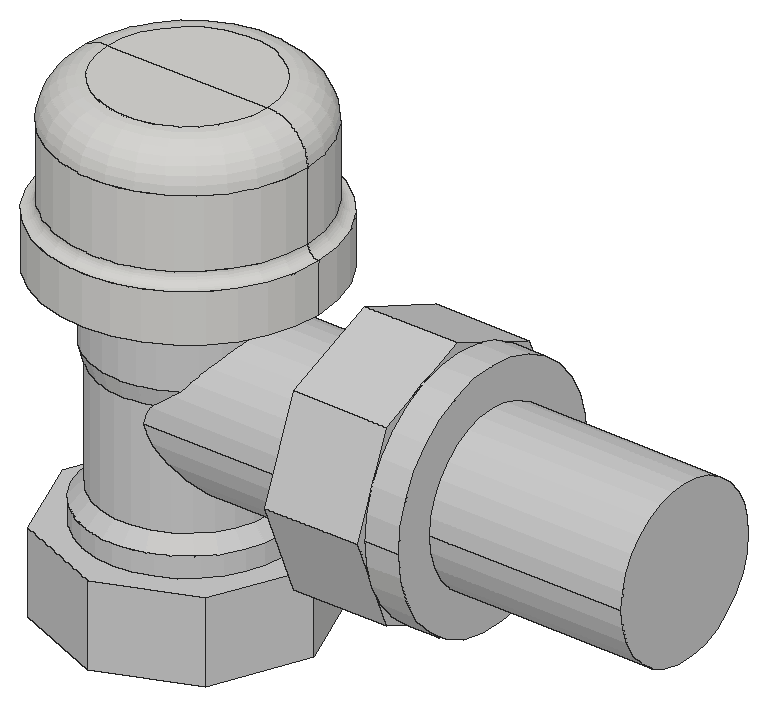
Revit family "PA_Арматура трубопроводов [клапан термостатический угловой, VT.031.N]12 - VALTEC", category Арматура трубопроводов, Revit 2018
Family settings
  Размер круглого соединителя = Использовать диаметр
  Тип детали = Вставляется
  На основе рабочей плоскости = Нет
  Всегда вертикально = Да
  При загрузке вырезать с полостями = Нет
  Общий = Нет
Parameters (values of type "VT.031.N")
  Таблица 2 = "PA_Арматура трубопроводов [клапан термостатический угловой, VT.031.N] - VALTEC - Таблица 2"  # constant formula
  Таблица 1 = "PA_Арматура трубопроводов [клапан термостатический угловой, VT.031.N] - VALTEC - Таблица 1"  # constant formula
  Изготовитель = "VALTEC"  # constant formula
  Головка термостатическая [instance] = Колпачок : Колпачок
  a5 [instance] = size_lookup(Таблица 1, "a5", 0 mm, d)  # 8 mm
  MM_Геометрия [instance] = if(Головка термостатическая = [1!!!НЕ ИЗМЕНЯТЬ!!!], MM_1!!!НЕ ИЗМЕНЯТЬ!!!, if(Головка термостатическая = [2!!!НЕ ИЗМЕНЯТЬ!!!], MM_2!!!НЕ ИЗМЕНЯТЬ!!!, if(Головка термостатическая = [3!!!НЕ ИЗМЕНЯТЬ!!!], MM_3!!!НЕ ИЗМЕНЯТЬ!!!, if(Головка термостатическая = [4!!!НЕ ИЗМЕНЯТЬ!!!], MM_4!!!НЕ ИЗМЕНЯТЬ!!!, if(Головка термостатическая = [5!!!НЕ ИЗМЕНЯТЬ!!!], MM_4!!!НЕ ИЗМЕНЯТЬ!!!, if(Головка термостатическая = [6!!!НЕ ИЗМЕНЯТЬ!!!], MM_5!!!НЕ ИЗМЕНЯТЬ!!!, if(Головка термостатическая = [7!!!НЕ ИЗМЕНЯТЬ!!!], MM_6!!!НЕ ИЗМЕНЯТЬ!!!, if(Головка термостатическая = [8!!!НЕ ИЗМЕНЯТЬ!!!], MM_6!!!НЕ ИЗМЕНЯТЬ!!!, if(Головка термостатическая = [9!!!НЕ ИЗМЕНЯТЬ!!!], MM_6!!!НЕ ИЗМЕНЯТЬ!!!, if(Головка термостатическая = [10!!!НЕ ИЗМЕНЯТЬ!!!], MM_6!!!НЕ ИЗМЕНЯТЬ!!!, if(Головка термостатическая = [11!!!НЕ ИЗМЕНЯТЬ!!!], MM_7!!!НЕ ИЗМЕНЯТЬ!!!, if(Головка термостатическая = [12!!!НЕ ИЗМЕНЯТЬ!!!], MM_7!!!НЕ ИЗМЕНЯТЬ!!!, if(Головка термостатическая = [13!!!НЕ ИЗМЕНЯТЬ!!!], MM_7!!!НЕ ИЗМЕНЯТЬ!!!, MM_8!!!НЕ ИЗМЕНЯТЬ!!!)))))))))))))  # MM_Обобщенные модели [колпачок, VT.031.N] - VALTEC : VT.TE3042.0
  MM_8!!!НЕ ИЗМЕНЯТЬ!!! = MM_Обобщенные модели [колпачок, VT.031.N] - VALTEC : VT.TE3042.0
  MM_7!!!НЕ ИЗМЕНЯТЬ!!! = MM_Обобщенные модели [сервопривод электрический, VT.TE3042] - VALTEC : VT.TE3042.0
  MM_6!!!НЕ ИЗМЕНЯТЬ!!! = MM_Обобщенные модели [сервопривод электрический, VT.TE3040] - VALTEC : VT.TE3040
  MM_5!!!НЕ ИЗМЕНЯТЬ!!! = MM_Обобщенные модели [cервопривод EQUICALOR, VT.AS1000] - VALTEC : VT.AS1000
  MM_4!!!НЕ ИЗМЕНЯТЬ!!! = MM_Обобщенные модели [головка термостатическая жидкостная, VT.5000.0] - VALTEC : VT.5000.0 - VT.5010.0
  MM_3!!!НЕ ИЗМЕНЯТЬ!!! = MM_Обобщенные модели [головка термостатическая жидкостная, VT.3000.0] - VALTEC : VT.3000.0
  MM_2!!!НЕ ИЗМЕНЯТЬ!!! = MM_Обобщенные модели [головка термостатическая жидкостная, VT.1500.0] - VALTEC : VT.1500.0
  MM_1!!!НЕ ИЗМЕНЯТЬ!!! = MM_Обобщенные модели [головка термостатическая твердотельная, VT.1000.0] - VALTEC : VT.1000.0
  ME_Информация [instance] = if(Головка термостатическая = [1!!!НЕ ИЗМЕНЯТЬ!!!], ME_1!!!НЕ ИЗМЕНЯТЬ!!!, if(Головка термостатическая = [2!!!НЕ ИЗМЕНЯТЬ!!!], ME_2!!!НЕ ИЗМЕНЯТЬ!!!, if(Головка термостатическая = [3!!!НЕ ИЗМЕНЯТЬ!!!], ME_3!!!НЕ ИЗМЕНЯТЬ!!!, if(Головка термостатическая = [4!!!НЕ ИЗМЕНЯТЬ!!!], ME_4!!!НЕ ИЗМЕНЯТЬ!!!, if(Головка термостатическая = [5!!!НЕ ИЗМЕНЯТЬ!!!], ME_5!!!НЕ ИЗМЕНЯТЬ!!!, if(Головка термостатическая = [6!!!НЕ ИЗМЕНЯТЬ!!!], ME_6!!!НЕ ИЗМЕНЯТЬ!!!, if(Головка термостатическая = [7!!!НЕ ИЗМЕНЯТЬ!!!], ME_7!!!НЕ ИЗМЕНЯТЬ!!!, if(Головка термостатическая = [8!!!НЕ ИЗМЕНЯТЬ!!!], ME_8!!!НЕ ИЗМЕНЯТЬ!!!, if(Головка термостатическая = [9!!!НЕ ИЗМЕНЯТЬ!!!], ME_9!!!НЕ ИЗМЕНЯТЬ!!!, if(Головка термостатическая = [10!!!НЕ ИЗМЕНЯТЬ!!!], ME_10!!!НЕ ИЗМЕНЯТЬ!!!, if(Головка термостатическая = [11!!!НЕ ИЗМЕНЯТЬ!!!], ME_11!!!НЕ ИЗМЕНЯТЬ!!!, if(Головка термостатическая = [12!!!НЕ ИЗМЕНЯТЬ!!!], ME_12!!!НЕ ИЗМЕНЯТЬ!!!, if(Головка термостатическая = [13!!!НЕ ИЗМЕНЯТЬ!!!], ME_13!!!НЕ ИЗМЕНЯТЬ!!!, ME_14!!!НЕ ИЗМЕНЯТЬ!!!)))))))))))))  # ME_Оборудование [колпачек] - VALTEC : ME_Оборудование [колпачек] - VALTEC
  ME_9!!!НЕ ИЗМЕНЯТЬ!!! = ME_Оборудование [сервопривод электрический, VT.TE3041.0.024] - VALTEC : ME_Оборудование [сервопривод электрический, VT.TE3041.0.024] - VALTEC
  ME_8!!!НЕ ИЗМЕНЯТЬ!!! = ME_Оборудование [сервопривод электрический, VT.TE3040.A.220] - VALTEC : ME_Оборудование [сервопривод электрический, VT.TE3040.A.220] - VALTEC
  ME_7!!!НЕ ИЗМЕНЯТЬ!!! = ME_Оборудование [сервопривод электрический, VT.TE3040.0.220] - VALTEC : ME_Оборудование [сервопривод электрический, VT.TE3040.0.220] - VALTEC
  ME_6!!!НЕ ИЗМЕНЯТЬ!!! = ME_Оборудование [cервопривод EQUICALOR, VT.AS1000] - VALTEC : ME_Оборудование [cервопривод EQUICALOR, VT.AS1000] - VALTEC
  ME_5!!!НЕ ИЗМЕНЯТЬ!!! = ME_Оборудование [головка термостатическая жидкостная, VT.5010.0] - VALTEC : ME_Оборудование [головка термостатическая жидкостная, VT.5010.0] - VALTEC
  ME_4!!!НЕ ИЗМЕНЯТЬ!!! = ME_Оборудование [головка термостатическая жидкостная, VT.5000.0] - VALTEC : ME_Оборудование [головка термостатическая жидкостная, VT.5000.0] - VALTEC
  ME_3!!!НЕ ИЗМЕНЯТЬ!!! = ME_Оборудование [головка термостатическая жидкостная, VT.3000.0] - VALTEC : ME_Оборудование [головка термостатическая жидкостная, VT.3000.0] - VALTEC
  ME_2!!!НЕ ИЗМЕНЯТЬ!!! = ME_Оборудование [головка термостатическая жидкостная, VT.1500.0] - VALTEC : ME_Оборудование [головка термостатическая жидкостная, VT.1500.0] - VALTEC
  ME_14!!!НЕ ИЗМЕНЯТЬ!!! = ME_Оборудование [колпачек] - VALTEC : ME_Оборудование [колпачек] - VALTEC
  ME_13!!!НЕ ИЗМЕНЯТЬ!!! = ME_Оборудование [сервопривод электрический, VT.TE3042.A.220] - VALTEC : ME_Оборудование [сервопривод электрический, VT.TE3042.A.220] - VALTEC
  ME_12!!!НЕ ИЗМЕНЯТЬ!!! = ME_Оборудование [сервопривод электрический, VT.TE3042.0.220] - VALTEC : ME_Оборудование [сервопривод электрический, VT.TE3042.0.220] - VALTEC
  ME_11!!!НЕ ИЗМЕНЯТЬ!!! = ME_Оборудование [сервопривод электрический, VT.TE3042.0.024] - VALTEC : ME_Оборудование [сервопривод электрический, VT.TE3042.0.024] - VALTEC
  ME_10!!!НЕ ИЗМЕНЯТЬ!!! = ME_Оборудование [сервопривод электрический, VT.TE3041.A.024] - VALTEC : ME_Оборудование [сервопривод электрический, VT.TE3041.A.024] - VALTEC
  ME_1!!!НЕ ИЗМЕНЯТЬ!!! = ME_Оборудование [головка термостатическая твердотельная, VT.1000.0] - VALTEC : ME_Оборудование [головка термостатическая твердотельная, VT.1000.0] - VALTEC
  B [instance] = size_lookup(Таблица 1, "B", 0 mm, d)  # 59.5 mm
  b6 [instance] = size_lookup(Таблица 1, "b6", 0 mm, d)  # 6.3 mm
  b5 [instance] = size_lookup(Таблица 1, "b5", 0 mm, d)  # 2.2 mm
  b4 [instance] = size_lookup(Таблица 1, "b4", 0 mm, d)  # 12.4 mm
  b3 [instance] = size_lookup(Таблица 1, "b3", 0 mm, d)  # 3.4 mm
  b2 [instance] = size_lookup(Таблица 1, "b2", 0 mm, d)  # 2.5 mm
  b7 [instance] = size_lookup(Таблица 1, "b7", 0 mm, d)  # 2.1 mm
  d6 [instance] = size_lookup(Таблица 1, "d6", 0 mm, d)  # 21.8 mm
  d5 [instance] = size_lookup(Таблица 1, "d5", 0 mm, d)  # 20.6 mm
  d4 [instance] = size_lookup(Таблица 1, "d4", 0 mm, d)  # 23.8 mm
  d3 [instance] = size_lookup(Таблица 1, "d3", 0 mm, d)  # 29.6 mm
  d2 [instance] = size_lookup(Таблица 1, "d2", 0 mm, d)  # 31.6 mm
  d1 [instance] = size_lookup(Таблица 1, "d1", 0 mm, d)  # 21 mm
  d [instance] = 20 mm
  b1 [instance] = size_lookup(Таблица 1, "b1", 0 mm, d)  # 10 mm
  a4 [instance] = size_lookup(Таблица 1, "a4", 0 mm, d)  # 4.3 mm
  a3 [instance] = size_lookup(Таблица 1, "a3", 0 mm, d)  # 11.7 mm
  a2 [instance] = size_lookup(Таблица 1, "a2", 0 mm, d)  # 2.1 mm
  a1 [instance] = size_lookup(Таблица 1, "a1", 0 mm, d)  # 20.2 mm
  URL = "https://valtec.ru/"
  C [instance] = size_lookup(Таблица 1, "C", 0 mm, d)  # 33.5 mm
  ADSK_Расход жидкости [instance] = 0.0 L/s
  ADSK_Примечание [instance] = ""
  ADSK_Потеря давления жидкости [instance] = 0.0 Pa
  ADSK_Позиция [instance] = ""
  ADSK_Обозначение [instance] = "VT.031.N"  # constant formula
  ADSK_Наименование [instance] = size_lookup(Таблица 1, "", "Данный типоразмер отсутствует", d)  # "Клапан термостатический угловой 3/4\""
  ADSK_Материал = Сталь, нержавеющая - VALTEC
  ADSK_Масса [instance] = if(d = 15 mm, 0.23, if(d = 20 mm, 0.332, 0))  # 0.332
  ADSK_Марка [instance] = size_lookup(Таблица 2, "", "Данный типоразмер отсутствует", d)  # "VT.031.N.05"
  ADSK_Код изделия [instance] = size_lookup(Таблица 2, "", "Данный типоразмер отсутствует", d)  # "VT.031.N.05"
  ADSK_Завод-изготовитель [instance] = Изготовитель  # "VALTEC"
  ADSK_Единица измерения [instance] = "шт."  # constant formula
  ADSK_URL страницы изделия = "https://valtec.ru/catalog/radiatornaya_armatura/termostaticheskie_klapany_dlya_radiatorov/klapan_termostaticheskij_uglovoj_vt031n.html"
  ADSK_URL документации изделия = "https://valtec.ru/document/technical/VT.031-032-n-nr-ner-0119.pdf"
  A [instance] = size_lookup(Таблица 1, "A", 0 mm, d)  # 62.5 mm
  9!!!НЕ ИЗМЕНЯТЬ!!! = VT.TE3041.0.024 : VT.TE3041.0.024
  8!!!НЕ ИЗМЕНЯТЬ!!! = VT.TE3040.A.220 : VT.TE3040.A.220
  7!!!НЕ ИЗМЕНЯТЬ!!! = VT.TE3040.0.220 : VT.TE3040.0.220
  6!!!НЕ ИЗМЕНЯТЬ!!! = VT.AS1000 : VT.AS1000
  5!!!НЕ ИЗМЕНЯТЬ!!! = VT.5010.0.0 : VT.5010.0.0
  4!!!НЕ ИЗМЕНЯТЬ!!! = VT.5000.0.0 : VT.5000.0.0
  3!!!НЕ ИЗМЕНЯТЬ!!! = VT.3000.0.0 : VT.3000.0.0
  2!!!НЕ ИЗМЕНЯТЬ!!! = VT.1500.0.0 : VT.1500.0.0
  14!!!НЕ ИЗМЕНЯТЬ!!! = Колпачок : Колпачок
  13!!!НЕ ИЗМЕНЯТЬ!!! = VT.TE3042.A.220 : VT.TE3042.A.220
  12!!!НЕ ИЗМЕНЯТЬ!!! = VT.TE3042.0.220 : VT.TE3042.0.220
  11!!!НЕ ИЗМЕНЯТЬ!!! = VT.TE3042.0.024 : VT.TE3042.0.024
  10!!!НЕ ИЗМЕНЯТЬ!!! = VT.TE3041.A.024 : VT.TE3041.A.024
  1!!!НЕ ИЗМЕНЯТЬ!!! = VT.1000.0.0 : VT.1000.0.0
Reference planes
  plane 1 "По центру (Вперед/Назад)": y = 0
  plane 2: z = 0
  plane 3 "По центру (Влево/Вправо)": x = 0
  plane 4: z = 33.5
  plane 5: x = 62.5
  plane 6: x = 20.2
  plane 7: x = 22.3
  plane 8: x = 34
  plane 9: x = 38.3
  plane 10: x = 46.3
  plane 11: z = -26
  plane 12: z = -16
  plane 13: z = -13.5
  plane 14: z = -10.1
  plane 15: z = 2.3
  plane 16: z = 4.5
  plane 17: z = 10.8
  plane 18: z = 12.9
  plane 19: x = -20.2
Forms (mm)
  Extrusion 1, solid, material "Сталь, нержавеющая - VALTEC" <- "ADSK_Материал", detail levels medium+fine
    sketch origin (0, 0, 0) x (0, 1, 0) y (0, 0, 1)
      loop
        circle (0, 0) r 10
    from 38.3 to 62.5
  Extrusion 2, solid, material "Сталь, нержавеющая - VALTEC" <- "ADSK_Материал", detail levels medium+fine
    sketch origin (0, 0, 0) x (0, 1, 0) y (0, 0, 1)
      loop
        circle (0, 0) r 10
    from 0 to 20.2
  Blend 3, solid, material "Сталь, нержавеющая - VALTEC" <- "ADSK_Материал", detail levels medium+fine
    base sketch origin (0, 0, 0) x (0, 1, 0) y (0, 0, 1)
      loop
        circle (0, 0) r 10
    top sketch origin (0, 0, 0) x (0, 1, 0) y (0, 0, 1)
      loop
        circle (0, 0) r 10.5
    from 20.2 to 22.3
  Extrusion 4, solid, material "Сталь, нержавеющая - VALTEC" <- "ADSK_Материал", detail levels medium+fine
    sketch origin (0, 0, 0) x (0, 1, 0) y (0, 0, 1)
      loop
        circle (0, 0) r 14.8
    from 38.3 to 34
  Blend 5, solid, material "Сталь, нержавеющая - VALTEC" <- "ADSK_Материал", detail levels medium+fine
    base sketch origin (0, 0, 0) x (1, 0, 0) y (0, 1, 0)
      loop
        circle (0, 0) r 11.9
    top sketch origin (0, 0, 0) x (1, 0, 0) y (0, 1, 0)
      loop
        circle (0, 0) r 10.3
    from -13.5 to -11.79
  Extrusion 6, solid, material "Сталь, нержавеющая - VALTEC" <- "ADSK_Материал", detail levels medium+fine
    sketch origin (0, 0, 0) x (1, 0, 0) y (0, 1, 0)
      loop
        circle (0, 0) r 10.3
    from -10.1 to 2.3
  Extrusion 7, solid, material "Сталь, нержавеющая - VALTEC" <- "ADSK_Материал", detail levels medium+fine
    sketch origin (0, 0, 0) x (1, 0, 0) y (0, 1, 0)
      loop
        circle (0, 0) r 11.9
    from -16 to -13.5
  Extrusion 8, solid, material "Сталь, нержавеющая - VALTEC" <- "ADSK_Материал", detail levels medium+fine
    sketch origin (0, 0, 0) x (1, 0, 0) y (0, 1, 0)
      loop
        circle (0, 0) r 10.3
    from -11.79 to 2.3
  Blend 9, solid, material "Сталь, нержавеющая - VALTEC" <- "ADSK_Материал", detail levels medium+fine
    base sketch origin (0, 0, 0) x (1, 0, 0) y (0, 1, 0)
      loop
        circle (0, 0) r 10.9
    top sketch origin (0, 0, 0) x (1, 0, 0) y (0, 1, 0)
      loop
        circle (0, 0) r 10.3
    from 4.5 to 2.3
  Extrusion 10, solid, material "Сталь, нержавеющая - VALTEC" <- "ADSK_Материал", detail levels medium+fine
    sketch origin (0, 0, 0) x (1, 0, 0) y (0, 1, 0)
      loop
        circle (0, 0) r 10.9
    from 4.5 to 10.8
  Blend 11, solid, material "Сталь, нержавеющая - VALTEC" <- "ADSK_Материал", detail levels medium+fine
    base sketch origin (0, 0, 0) x (1, 0, 0) y (0, 1, 0)
      loop
        circle (0, 0) r 10.9
    top sketch origin (0, 0, 0) x (1, 0, 0) y (0, 1, 0)
      loop
        circle (0, 0) r 11.9
    from 10.8 to 12.9
Cuts and joins
  joined: Extrusion 1, Extrusion 4
  joined: Extrusion 2, Blend 3, Blend 5, Extrusion 6, Extrusion 7, Extrusion 8, Blend 9, Extrusion 10, Blend 11
Lines and regions (mm)
  model lines, detail levels coarse
    curve 1: line (-20.2, 0, -26) -> (20.2, 0, -26)
    curve 2: line (0, 0, 0) -> (-20.2, 0, -26)
    curve 3: line (20.2, 0, -26) -> (0, 0, 0)
    curve 4: line (34, 0, -20.2) -> (34, 0, 20.2)
    curve 5: line (0, 0, 0) -> (34, 0, 20.2)
    curve 6: line (34, 0, -20.2) -> (0, 0, 0)
    curve 7: line (34, 0, 0) -> (46.3, 0, 0)
    curve 8: line (0, 0, 33.5) -> (0, 0, 0)
    curve 9: line (0, 0, 0) -> (-10, 0, 17.321)
    curve 21: line (0, 0, 0) -> (10, 0, 17.321)
  symbolic lines, detail levels coarse
    curve 10: line (34, -20.2, 0) -> (34, 20.2, 0)
    curve 11: line (-20.2, -26, 0) -> (20.2, -26, 0)
    curve 12: line (-20.2, -26, 0) -> (0, 0, 0)
    curve 13: line (0, 0, 0) -> (20.2, -26, 0)
    curve 14: line (0, 0, 0) -> (34, 20.2, 0)
    curve 15: line (34, -20.2, 0) -> (0, 0, 0)
    curve 16: line (34, 0, 0) -> (46.3, 0, 0)
    curve 17: line (0, 0, 0) -> (0, 35, 0)
    curve 18: line (0, 0, 0) -> (-10, 17.321, 0)
    curve 22: line (0, 0, 0) -> (10, 17.321, 0)
  reference lines
    curve 19: line (0, 0, 0) -> (0, 0, -26)
    curve 20: line (0, 0, 0) -> (46.3, 0, 0)
Dimensions and locks
  "A": plane 3 "По центру (Влево/Вправо)" to plane 5
  "a1": plane 3 "По центру (Влево/Вправо)" to plane 6
  "a2": plane 6 to plane 7
  "a3": plane 7 to plane 8
  "a4": plane 8 to plane 9
  "a5": plane 9 to plane 10
  "C": plane 4 to plane 2
  "B": plane 4 to plane 11
  "b1": plane 12 to plane 11
  "b2": plane 13 to plane 12
  "b3": plane 14 to plane 13
  "b4": plane 15 to plane 14
  "b5": plane 16 to plane 15
  "b6": plane 17 to plane 16
  "b7": plane 18 to plane 17
  locked: plane 19 to plane 3 "По центру (Влево/Вправо)" at 20.2
  "d": diameter of Extrusion 1 sketch curve
  "d": diameter of Extrusion 2 sketch curve
  "d": diameter of Blend 3 sketch curve
  "d1": diameter of Blend 3 sketch curve
  "d3": diameter of Extrusion 4 sketch curve
  "d4": diameter of Blend 5 sketch curve
  "d5": diameter of Blend 5 sketch curve
  "d5": diameter of Extrusion 6 sketch curve
  "d4": diameter of Extrusion 7 sketch curve
  "d5": diameter of Extrusion 8 sketch curve
  "d6": diameter of Blend 9 sketch curve
  "d5": diameter of Blend 9 sketch curve
  "d6": diameter of Extrusion 10 sketch curve
  "d6": diameter of Blend 11 sketch curve
  "d4": diameter of Blend 11 sketch curve
  aligned and locked: level to plane 2
  aligned and locked: level to Extrusion 1 sketch curve
  aligned and locked: plane 1 "По центру (Вперед/Назад)" to Extrusion 1 sketch curve
  aligned and locked: level to Extrusion 2 sketch curve
  aligned and locked: plane 1 "По центру (Вперед/Назад)" to Extrusion 2 sketch curve
  aligned and locked: level to Blend 3 sketch curve  (x2)
  aligned and locked: plane 1 "По центру (Вперед/Назад)" to Blend 3 sketch curve  (x2)
  aligned and locked: plane 1 "По центру (Вперед/Назад)" to Extrusion 4 sketch curve
  aligned and locked: level to Extrusion 4 sketch curve
  aligned and locked: Extrusion 2 to plane 6
  aligned and locked: plane 6 to Blend 3
  aligned and locked: Blend 3 to plane 7
  aligned and locked: plane 9 to Extrusion 4
  aligned and locked: plane 8 to Extrusion 4
  aligned and locked: plane 9 to Extrusion 1
  aligned and locked: plane 1 "По центру (Вперед/Назад)" to nested 1
  aligned and locked: plane 7 to nested 1
  aligned and locked: Extrusion 1 to plane 5
  aligned and locked: nested 2 to plane 11
  aligned and locked: plane 1 "По центру (Вперед/Назад)" to Blend 5 sketch curve  (x2)
  aligned and locked: plane 3 "По центру (Влево/Вправо)" to Blend 5 sketch curve  (x2)
  aligned and locked: plane 1 "По центру (Вперед/Назад)" to Extrusion 6 sketch curve
  aligned and locked: plane 3 "По центру (Влево/Вправо)" to Extrusion 6 sketch curve
  aligned and locked: Blend 5 to plane 13
  aligned and locked: plane 15 to Extrusion 6
  aligned and locked: plane 3 "По центру (Влево/Вправо)" to Extrusion 7 sketch curve
  aligned and locked: plane 1 "По центру (Вперед/Назад)" to Extrusion 7 sketch curve
  aligned and locked: Extrusion 7 to plane 12
  aligned and locked: plane 13 to Extrusion 7
  aligned and locked: plane 3 "По центру (Влево/Вправо)" to Extrusion 10 sketch curve
  aligned and locked: plane 1 "По центру (Вперед/Назад)" to Extrusion 10 sketch curve
  aligned and locked: Extrusion 10 to plane 16
  aligned and locked: plane 17 to Extrusion 10
  aligned and locked: plane 1 "По центру (Вперед/Назад)" to Blend 11 sketch curve  (x2)
  aligned and locked: plane 3 "По центру (Влево/Вправо)" to Blend 11 sketch curve  (x2)
  aligned and locked: Blend 11 to plane 17
  aligned and locked: plane 18 to Blend 11
  aligned and locked: Extrusion 6 to plane 14
  aligned and locked: Blend 9 to plane 15
  aligned and locked: plane 16 to Blend 9
  aligned and locked: Extrusion 2 to plane 3 "По центру (Влево/Вправо)"
  aligned and locked: plane 19 to curve 1
  aligned and locked: plane 6 to curve 1
  aligned and locked: plane 11 to curve 3
  aligned and locked: curve 1 to plane 11
  aligned and locked: curve 4 to plane 8
  aligned and locked: plane 8 to curve 7
  aligned and locked: curve 7 to level
  aligned and locked: level to curve 8
  aligned and locked: plane 4 to curve 8
  aligned and locked: curve 8 to plane 3 "По центру (Влево/Вправо)"
  aligned and locked: curve 10 to plane 8
  aligned and locked: plane 8 to curve 16
  aligned and locked: level to curve 19
  aligned and locked: plane 11 to curve 19
  aligned and locked: curve 19 to plane 3 "По центру (Влево/Вправо)"
  aligned and locked: plane 10 to curve 20
  aligned and locked: plane 10 to curve 7
  aligned and locked: curve 20 to curve 16
  aligned and locked: nested 4 to plane 3 "По центру (Влево/Вправо)"
  aligned and locked: plane 1 "По центру (Вперед/Назад)" to nested 4
  aligned and locked: nested 3 to plane 1 "По центру (Вперед/Назад)"
  aligned and locked: plane 3 "По центру (Влево/Вправо)" to nested 3
  aligned and locked: plane 18 to nested 3
Automatic sketch dimensions
  curve 6 to plane 12 = 4.2 mm
  plane 18 to curve 4 = 7.3 mm
  plane 18 to curve 9 = 4.421 mm
  curve 9 to plane 3 "По центру (Влево/Вправо)" = 10 mm
  plane 18 to curve 21 = 4.421 mm
  plane 3 "По центру (Влево/Вправо)" to curve 21 = 10 mm
  plane 1 "По центру (Вперед/Назад)" to Extrusion 8 sketch curve = 0 mm
  Extrusion 8 sketch curve to plane 3 "По центру (Влево/Вправо)" = 0 mm
  plane 1 "По центру (Вперед/Назад)" to Blend 9 sketch curve = 0 mm  (x2)
  Blend 9 sketch curve to plane 3 "По центру (Влево/Вправо)" = 0 mm  (x2)
  curve 12 to plane 19 = 0 mm
  curve 17 to plane 3 "По центру (Влево/Вправо)" = 0 mm
  curve 13 to plane 6 = 0 mm
  plane 1 "По центру (Вперед/Назад)" to curve 13 = 0 mm
  plane 1 "По центру (Вперед/Назад)" to curve 10 = 20.2 mm
  curve 13 to curve 10 = 5.8 mm
  curve 16 to curve 14 = 20.2 mm
  curve 18 to plane 3 "По центру (Влево/Вправо)" = 10 mm
  plane 3 "По центру (Влево/Вправо)" to curve 22 = 10 mm
  curve 18 to plane 1 "По центру (Вперед/Назад)" = 17.321 mm
  curve 22 to plane 1 "По центру (Вперед/Назад)" = 17.321 mm
  curve 22 to curve 17 = 17.679 mm
  curve 16 to plane 10 = 0 mm
Nested families
  nested 1: "Гайка - горизонталь" at (28.15, 0, 0), d3 <- "d2", B <- "a3", ADSK_Материал <- "ADSK_Материал", type "Гайка - горизонталь", detail levels medium+fine
    with hr 29.195 mm, d3 31.6 mm, B 11.7 mm, ADSK_Материал Сталь, нержавеющая - VALTEC
  nested 2: "Гайка - вертикаль" at (0, 0, -26), ADSK_Материал <- "ADSK_Материал", d6 <- "d2", h3 <- "b1", type "Гайка - вертикаль", detail levels medium+fine
    with hr 29.195 mm, h3 10 mm, d6 31.6 mm, ADSK_Материал Сталь, нержавеющая - VALTEC
  nested 3: "MM_Обобщенные модели [колпачок, VT.031.N] - VALTEC" at (0, 0, 12.9), type <- "MM_Геометрия", type "VT.TE3042.0", detail levels medium+fine
  nested 4: "ME_Оборудование [колпачек] - VALTEC" at (0, 0, 0), type <- "ME_Информация", type "ME_Оборудование [колпачек] - VALTEC", detail levels medium
    with ADSK_Примечание "", ADSK_Позиция "", ADSK_Обозначение "VT.TE3041.A", ADSK_Наименование "Сервопривод электрический, нормально открытый, 24 В", ADSK_Масса 0, ADSK_Код изделия "VT.TE3041.A. 024", ADSK_Завод-изготовитель "VALTEC", ADSK_Единица измерения "шт."
Connectors
  piping at (0, 0, -26), diameter 20, driven by "d", driven by "ADSK_Расход жидкости", driven by "ADSK_Потеря давления жидкости"
    settings: on curve 19, index 1, connector inside diameter 609.6 mm, connector length 0 mm, flow factor 0, pipe flow 0.0 L/s, pressure drop 0.0 Pa, fitting loss kfactor 0, connector angle 0.00°, fixture units 0, engagement length 0 mm, angle of deflection 0.00°, flow configuration 0, flow direction 1, fitting loss method 4, system type 7, joint type 0, gender type 0, connector reference index 2, connector utility 0, adjustable connector no, is connector primary yes, connector description ""
  piping at (46.3, 0, 0), diameter 20, driven by "d", driven by "ADSK_Расход жидкости"
    settings: on curve 20, index 2, connector inside diameter 609.6 mm, connector length 0 mm, flow factor 0, pipe flow 0.0 L/s, pressure drop 0.0 Pa, fitting loss kfactor 0, connector angle 0.00°, fixture units 0, engagement length 0 mm, angle of deflection 0.00°, flow configuration 0, flow direction 2, fitting loss method 0, system type 7, joint type 0, gender type 0, connector reference index 1, connector utility 0, adjustable connector no, is connector primary no, connector description ""
Definition of nested family "Гайка - горизонталь"
  Parameters (values of type "Гайка - горизонталь")
    hr [instance] = d3 / 2 * cos(180.00° / 8) * 2  # 588.881 mm
    d3 [instance] = 637.4 mm
    B [instance] = 637.4 mm
    ADSK_Материал [instance] = none
  Reference planes
    plane 1 "По центру (Вперед/Назад)": y = 0
    plane 2: z = 0
    plane 3 "По центру (Влево/Вправо)": x = 0
    plane 4: y = 318.7
    plane 5: y = -318.7
    plane 6: through (0, -912.519, 2972.425) normal (0, -0.9239, -0.3827)
    plane 7: through (0, -1234.338, 2979.956) normal (0, -0.9239, -0.3827)
    plane 8: through (0, -1556.157, 2987.486) normal (0, -0.9239, -0.3827)
    plane 9: through (0, 1234.338, 2979.956) normal (0, -0.9239, 0.3827)
    plane 10: through (0, -2420.114, 1321.144) normal (0, -0.3827, -0.9239)
    plane 11: through (0, -2532.792, 1049.117) normal (0, -0.3827, -0.9239)
    plane 12: through (0, -2645.469, 777.089) normal (0, -0.3827, -0.9239)
    plane 13: through (0, 2420.114, 1321.144) normal (0, -0.3827, 0.9239)
    plane 14: through (0, 2532.792, 1049.117) normal (0, -0.3827, 0.9239)
    plane 15: through (0, 2645.469, 777.089) normal (0, -0.3827, 0.9239)
    plane 16: through (0, 912.519, 2972.425) normal (0, -0.9239, 0.3827)
    plane 17: through (0, 1234.338, 2979.956) normal (0, -0.9239, 0.3827)
    plane 18: through (0, 1556.157, 2987.486) normal (0, -0.9239, 0.3827)
    plane 19: x = 318.7
    plane 20: x = -318.7
  Forms (mm)
    Extrusion 1, solid, material <- "ADSK_Материал"
      sketch origin (0, 0, 0) x (0, 1, 0) y (0, 0, 1)
        loop
          line (0, 318.7) -> (-225.355, 225.355) -> (-318.7, 0) -> (-225.355, -225.355) -> (0, -318.7) -> (225.355, -225.355) -> (318.7, 0) -> (225.355, 225.355) -> (0, 318.7)
      from -318.7 to 318.7
  Dimensions and locks
    equal spacing: plane 4, plane 1 "По центру (Вперед/Назад)", plane 5
    "d3": plane 4 to plane 5
    equal spacing: plane 8, plane 7, plane 6
    "hr": plane 8 to plane 6
    equal spacing: plane 12, plane 11, plane 10
    "hr": plane 12 to plane 10
    equal spacing: plane 15, plane 14, plane 13
    "hr": plane 15 to plane 13
    equal spacing: plane 18, plane 17, plane 16
    "hr": plane 18 to plane 16
    equal spacing: plane 20, plane 3 "По центру (Влево/Вправо)", plane 19
    "B": plane 20 to plane 19
    aligned and locked: level to plane 2
    aligned and locked: plane 10 to Extrusion 1 sketch curve
    aligned and locked: plane 13 to Extrusion 1 sketch curve
    aligned and locked: plane 16 to Extrusion 1 sketch curve
    aligned and locked: Extrusion 1 sketch curve to plane 8
    aligned and locked: Extrusion 1 sketch curve to plane 12
    aligned and locked: Extrusion 1 sketch curve to plane 15
    aligned and locked: Extrusion 1 sketch curve to plane 18
    aligned and locked: plane 6 to Extrusion 1 sketch curve
    aligned and locked: plane 19 to Extrusion 1
    aligned and locked: plane 20 to Extrusion 1
    aligned and locked: Extrusion 1 to plane 19
Definition of nested family "Гайка - вертикаль"
  Parameters (values of type "Гайка - вертикаль")
    h3 [instance] = 7.5 mm
    hr [instance] = d6 / 2 * cos(180.00° / 8) * 2  # 11.918 mm
    d6 [instance] = 12.9 mm
    ADSK_Материал [instance] = none
  Reference planes
    plane 1 "По центру (Вперед/Назад)": y = 0
    plane 2: z = 0
    plane 3 "По центру (Влево/Вправо)": x = 0
    plane 4: x = -6.45
    plane 5: x = 6.45
    plane 6: through (737.894, 1797.006, 1200) normal (0.9239, -0.3827, 0)
    plane 7: through (765.367, 1847.759, 1200) normal (0.9239, -0.3827, 0)
    plane 8: through (792.839, 1898.512, 1200) normal (0.9239, -0.3827, 0)
    plane 9: through (-737.894, 1797.006, 1200) normal (0.9239, 0.3827, 0)
    plane 10: through (-765.367, 1847.759, 1200) normal (0.9239, 0.3827, 0)
    plane 11: through (-792.839, 1898.512, 1200) normal (0.9239, 0.3827, 0)
    plane 12: through (1845.479, 770.872, 1200) normal (0.3827, -0.9239, 0)
    plane 13: through (1847.759, 765.367, 1200) normal (0.3827, -0.9239, 0)
    plane 14: through (1850.039, 759.861, 1200) normal (0.3827, -0.9239, 0)
    plane 15: through (-1845.479, 770.872, 1200) normal (0.3827, 0.9239, 0)
    plane 16: through (-1847.759, 765.367, 1200) normal (0.3827, 0.9239, 0)
    plane 17: through (-1850.039, 759.861, 1200) normal (0.3827, 0.9239, 0)
    plane 18: z = 7.5
  Forms (mm)
    Extrusion 1, solid, material <- "ADSK_Материал"
      sketch origin (0, 0, 0) x (1, 0, 0) y (0, 1, 0)
        loop
          line (0, 6.45) -> (-4.561, 4.561) -> (-6.45, 0) -> (-4.561, -4.561) -> (0, -6.45) -> (4.561, -4.561) -> (6.45, 0) -> (4.561, 4.561) -> (0, 6.45)
      from 0 to 7.5
  Dimensions and locks
    equal spacing: plane 4, plane 3 "По центру (Влево/Вправо)", plane 5
    "d6": plane 4 to plane 5
    equal spacing: plane 6, plane 7, plane 8
    "hr": plane 6 to plane 8
    equal spacing: plane 9, plane 10, plane 11
    "hr": plane 9 to plane 11
    equal spacing: plane 12, plane 13, plane 14
    "hr": plane 12 to plane 14
    equal spacing: plane 15, plane 16, plane 17
    "hr": plane 15 to plane 17
    "h3": plane 18 to plane 2
    aligned and locked: level to plane 2
    aligned and locked: plane 12 to Extrusion 1 sketch curve
    aligned and locked: plane 15 to Extrusion 1 sketch curve
    aligned and locked: plane 9 to Extrusion 1 sketch curve
    aligned and locked: Extrusion 1 sketch curve to plane 8
    aligned and locked: Extrusion 1 sketch curve to plane 14
    aligned and locked: Extrusion 1 sketch curve to plane 17
    aligned and locked: Extrusion 1 sketch curve to plane 11
    aligned and locked: plane 6 to Extrusion 1 sketch curve
    aligned and locked: plane 18 to Extrusion 1
Definition of nested family "MM_Обобщенные модели [колпачок, VT.031.N] - VALTEC"
  Parameters (values of type "VT.TE3042.0")
    Manufacturer = ""
    URL = ""
    ADSK_Материал = none
  Reference planes
    plane 1 "По центру (Вперед/Назад)": y = 0
    plane 2: z = 0
    plane 3 "По центру (Влево/Вправо)": x = 0
    plane 4: z = 21
    plane 5: y = 5.5
    plane 6: y = -5.5
    plane 7: x = -16.5
    plane 8: z = 6
    plane 9: x = 16.5
  Forms (mm)
    Revolve 1, solid, material <- "ADSK_Материал"
      sketch origin (0, 0, 0) x (1, 0, 0) y (0, 0, 1)
        loop
          line (0, 0) -> (0, 21) -> (-10.04, 21)
          arc (-10.04, 21) -> (-13.576, 19.536) -> (-15.04, 16) r 5
          line (-15.04, 16) -> (-15.04, 7.46)
          arc (-15.04, 7.46) -> (-15.468, 6.427) -> (-16.5, 6) r 1.46
          line (-16.5, 6) -> (-16.5, 0) -> (0, 0)
        axis (0, 21) -> (0, 0)
      angle from 0 to 360
  Lines and regions (mm)
    reference lines
      curve 1: line (0, 0, 0) -> (0, 0, 25)
      curve 2: line (0, -12.5, 0) -> (0, 12.5, 0)
      curve 3: line (12.5, 0, 0) -> (-12.5, 0, 0)
  Dimensions and locks
    locked: plane 4 to plane 2 at 21
    plane 6 to plane 1 "По центру (Вперед/Назад)" to plane 5 = 5.5 mm locked, 5.5 mm locked
    locked: plane 3 "По центру (Влево/Вправо)" to plane 7 at 16.5
    locked: plane 9 to plane 3 "По центру (Влево/Вправо)" at 16.5
    locked: plane 8 to plane 2 at 6
    aligned and locked: level to plane 2
    aligned and locked: plane 3 "По центру (Влево/Вправо)" to Revolve 1 sketch curve
    aligned and locked: level to Revolve 1 sketch curve
    aligned and locked: plane 8 to Revolve 1 sketch curve
    aligned and locked: Revolve 1 sketch curve to plane 3 "По центру (Влево/Вправо)"
Definition of nested family "ME_Оборудование [колпачек] - VALTEC"
  Parameters (values of type "ME_Оборудование [колпачек] - VALTEC")
    Manufacturer = "VALTEC"  # constant formula
    URL = "https://valtec.ru/"
    D = 10 mm  # constant formula
    ADSK_Примечание [instance] = ""
    ADSK_Позиция [instance] = ""
    ADSK_Обозначение [instance] = "VT.1000.0"
    ADSK_Наименование [instance] = "Головка термостатическая твердотельная "
    ADSK_Материал = none
    ADSK_Масса [instance] = 0
    ADSK_Код изделия [instance] = "VT.1000.0.0"
    ADSK_Завод-изготовитель [instance] = "VALTEC"  # constant formula
    ADSK_Единица измерения [instance] = "шт."  # constant formula
    ADSK_URL страницы изделия = "https://valtec.ru/catalog/elementy_avtomatiki/termogolovki_i_privody/golovka_termostaticheskaya_tverdotelnaya_vt10000.html"
    ADSK_URL документации изделия = "https://valtec.ru/document/technical/VT.1000-0916.pdf"
  Reference planes
    plane 1 "По центру (Вперед/Назад)": y = 0
    plane 2: z = 0
    plane 3 "По центру (Влево/Вправо)": x = 0
  Forms (mm)
    Revolve 1, solid, material <- "ADSK_Материал"
      sketch origin (0, 0, 0) x (1, 0, 0) y (0, 1, 0)
        loop
          line (0, -5) -> (0, 5)
          arc (0, 5) -> (-5, 0) -> (0, -5) r 5
        axis (0, 5) -> (0, -5)
      angle from 0 to 360
  Lines and regions (mm)
    reference lines
      curve 1: line (0, 5, 0) -> (0, -5, 0)
      curve 2: line (-5, 0, 0) -> (5, 0, 0)
      curve 3: line (0, 0, 5) -> (0, 0, -5)
  Dimensions and locks
    equal spacing: curve 1, plane 1 "По центру (Вперед/Назад)", curve 1
    "D": curve 1 to curve 1
    equal spacing: curve 2, plane 3 "По центру (Влево/Вправо)", curve 2
    "D": curve 2 to curve 2
    equal spacing: curve 3, level, curve 3
    "D": curve 3 to curve 3
    "D": diameter of Revolve 1 sketch curve
    aligned and locked: level to plane 2
    aligned and locked: curve 1 to plane 3 "По центру (Влево/Вправо)"
    aligned and locked: Revolve 1 sketch curve to plane 3 "По центру (Влево/Вправо)"  (x2)
    aligned and locked: plane 1 "По центру (Вперед/Назад)" to curve 2
    aligned and locked: curve 3 to plane 3 "По центру (Влево/Вправо)"
  Automatic sketch dimensions
    plane 1 "По центру (Вперед/Назад)" to Revolve 1 sketch curve = 0 mm
    Revolve 1 sketch curve to Revolve 1 sketch curve = 1995 mm  (x2)
